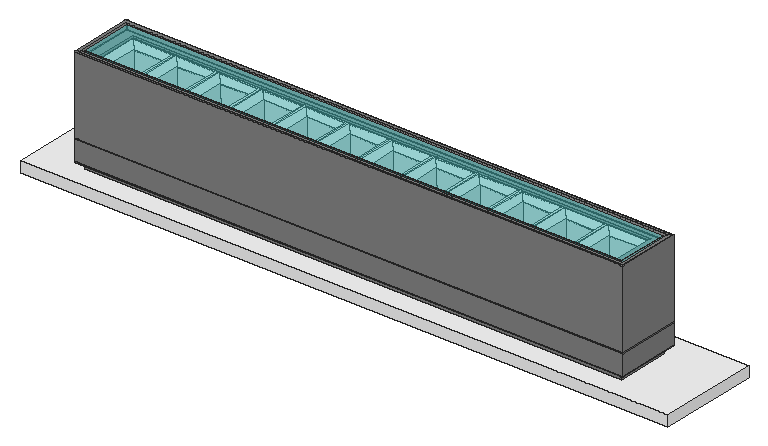
Revit family "BE_24461_de_DE", category Leuchten, Revit 2020 (continued)
Definition of nested family "BE_24461"
  Dimensions and locks
    "Pos_oi": Blend 71 to Blend 72 sketch curve
    "Pos_oi": Blend 72 sketch curve to Blend 71
    "Pos_ui": Blend 72 sketch curve to var sketch
    "Pos_ui": var sketch to Blend 72 sketch curve
    "Pos_oa": Blend 71 sketch curve to var sketch
    "Pos_oa": var sketch to Blend 71 sketch curve
    Blend 73 sketch curve to Blend 73 sketch curve = 28.6 mm  (x4)
    Blend 73 sketch curve to Blend 73 sketch curve = 29 mm  (x2)
    Blend 74 sketch curve to Blend 74 sketch curve = 25.6 mm  (x2)
    Blend 74 sketch curve to Blend 74 sketch curve = 28 mm  (x2)
    Blend 73 to Blend 74 sketch curve = 0.5 mm
    Blend 74 sketch curve to Blend 73 = 0.5 mm
    aligned and locked: Extrusion 1 to plane 2
    aligned and locked: level to Extrusion 1
    aligned and locked: Extrusion 10 sketch curve to cut or joined group of Sweep 2, Extrusion 3  (x4)
    aligned and locked: Blend 15 to Blend 16  (x2)
    aligned and locked: Blend 17 to Blend 18  (x2)
    aligned and locked: Blend 19 to Blend 20  (x2)
    aligned and locked: Blend 21 to Blend 22  (x2)
    aligned and locked: Blend 23 to Blend 24  (x2)
    aligned and locked: Blend 25 to Blend 26  (x2)
    aligned and locked: Blend 27 to Blend 28  (x2)
    aligned and locked: Blend 29 to Blend 30  (x2)
    aligned and locked: Blend 31 to Blend 32  (x2)
    aligned and locked: Blend 33 to Blend 34  (x2)
    aligned and locked: Blend 35 to Blend 36  (x2)
    aligned and locked: Blend 37 to Blend 38  (x2)
    aligned and locked: Blend 51 to Blend 52  (x2)
    aligned and locked: Blend 53 to Blend 54  (x2)
    aligned and locked: Blend 55 to Blend 56  (x2)
    aligned and locked: Blend 57 to Blend 58  (x2)
    aligned and locked: Blend 59 to Blend 60  (x2)
    aligned and locked: Blend 61 to Blend 62  (x2)
    aligned and locked: Blend 63 to Blend 64  (x2)
    aligned and locked: Blend 65 to Blend 66  (x2)
    aligned and locked: Blend 67 to Blend 68  (x2)
    aligned and locked: Blend 69 to Blend 70  (x2)
    aligned and locked: Blend 71 to Blend 72  (x2)
    aligned and locked: Blend 73 to Blend 74  (x2)
  Automatic sketch dimensions
    Extrusion 12 sketch curve to Extrusion 12 sketch curve = 1 mm
    Revolve 11 sketch curve to Revolve 11 sketch curve = 12.8 mm
    Revolve 11 sketch curve to Revolve 11 sketch curve = 3.583 mm
    Revolve 11 sketch curve to Revolve 11 sketch curve = 2.813 mm
    Revolve 11 sketch curve to Revolve 11 sketch curve = 1.005 mm
    Revolve 11 sketch curve to Revolve 11 sketch curve = 0 mm
    Extrusion 12 sketch curve to Extrusion 12 sketch curve = 25.6 mm
    Extrusion 14 sketch curve to Extrusion 14 sketch curve = 1 mm
    Revolve 13 sketch curve to Revolve 13 sketch curve = 12.8 mm
    Revolve 13 sketch curve to Revolve 13 sketch curve = 3.583 mm
    Revolve 13 sketch curve to Revolve 13 sketch curve = 2.813 mm
    Revolve 13 sketch curve to Revolve 13 sketch curve = 1.005 mm
    Revolve 13 sketch curve to Revolve 13 sketch curve = 0 mm
    Extrusion 14 sketch curve to Extrusion 14 sketch curve = 25.6 mm
    Sweep 2 sketch curve to plane 4 = 0 mm
    Sweep 2 sketch curve to plane 6 = 0 mm
    plane 8 to Sweep 2 sketch curve = 0 mm
    Sweep 2 sketch curve to plane 7 = 0 mm
    Sweep 2 sketch curve to profile plane = 0 mm
    profile plane to Sweep 2 sketch curve = 0.5 mm
    Sweep 2 sketch curve to Sweep 2 sketch curve = 0.5 mm
    Sweep 2 sketch curve to Sweep 2 sketch curve = 2.3 mm
    Sweep 2 sketch curve to Sweep 2 sketch curve = 2.544 mm
    Sweep 2 sketch curve to Sweep 2 sketch curve = 1.882 mm
    Sweep 2 sketch curve to Sweep 2 sketch curve = 4.838 mm
    level to Sweep 2 sketch curve = 26 mm
    Sweep 2 sketch curve to Sweep 2 sketch curve = 67.5 mm
    Sweep 2 sketch curve to Sweep 2 sketch curve = 2.5 mm
    Sweep 2 sketch curve to Sweep 2 sketch curve = 4 mm
    plane 4 to Extrusion 3 sketch curve = 7.7 mm
    Extrusion 3 sketch curve to Extrusion 3 sketch curve = 6.3 mm
    Extrusion 3 sketch curve to plane 5 = 4.5 mm
    plane 6 to Extrusion 3 sketch curve = 14.612 mm
    Extrusion 3 sketch curve to Extrusion 3 sketch curve = 6.612 mm
    Extrusion 3 sketch curve to plane 5 = 7 mm
    Extrusion 3 sketch curve to Extrusion 3 sketch curve = 2.5 mm  (x2)
    Extrusion 4 sketch curve to plane 8 = 5 mm
    Extrusion 4 sketch curve to plane 5 = 0.3 mm
    Extrusion 4 sketch curve to plane 7 = 5 mm
    Extrusion 4 sketch curve to Extrusion 4 sketch curve = 4 mm
    Sweep 5 sketch curve to plane 7 = 0 mm
    plane 8 to Sweep 5 sketch curve = 0 mm
    plane 4 to Sweep 5 sketch curve = 0.015 mm
    plane 6 to Sweep 5 sketch curve = 0.3 mm
    Sweep 5 sketch curve to profile plane = 0 mm
    Sweep 5 sketch curve to level = 0 mm
    Sweep 5 sketch curve to Sweep 5 sketch curve = 0.5 mm
    Sweep 5 sketch curve to Sweep 5 sketch curve = 4 mm  (x2)
    Sweep 5 sketch curve to Sweep 5 sketch curve = 1 mm
    Sweep 5 sketch curve to Sweep 5 sketch curve = 20 mm
    Sweep 5 sketch curve to Sweep 5 sketch curve = 6 mm
    Sweep 5 sketch curve to Sweep 5 sketch curve = 16 mm
    Extrusion 6 sketch curve to level = 0 mm
    plane 1 "Mitte (Oben/Unten)" to Extrusion 6 sketch curve = 5 mm
    Extrusion 6 sketch curve to plane 1 "Mitte (Oben/Unten)" = 5 mm
    Extrusion 6 sketch curve to Extrusion 6 sketch curve = 10 mm
    plane 1 "Mitte (Oben/Unten)" to Extrusion 7 sketch curve = 0 mm  (x2)
    plane 1 "Mitte (Oben/Unten)" to Extrusion 7 sketch curve = 5 mm
    plane 4 to Extrusion 7 sketch curve = 96.5 mm
    Extrusion 7 sketch curve to Extrusion 7 sketch curve = 3.5 mm
    Extrusion 7 sketch curve to plane 8 = 10 mm
    Extrusion 7 sketch curve to Extrusion 7 sketch curve = 76.5 mm
    plane 3 "Mitte (Links/Rechts)" to Extrusion 7 sketch curve = 80 mm
    Extrusion 7 sketch curve to Extrusion 7 sketch curve = 75 mm
    plane 1 "Mitte (Oben/Unten)" to Extrusion 7 sketch curve = 3.5 mm
    Extrusion 7 sketch curve to Extrusion 7 sketch curve = 10 mm
    Extrusion 7 sketch curve to plane 1 "Mitte (Oben/Unten)" = 5 mm
    Extrusion 7 sketch curve to Extrusion 7 sketch curve = 0 mm  (x2)
    Revolve 8 sketch curve to plane 7 = 0 mm
    Revolve 8 sketch curve to Revolve 8 sketch curve = 2.2 mm
    level to Revolve 8 sketch curve = 18.8 mm
    Revolve 8 sketch curve to Revolve 8 sketch curve = 3.95 mm
    Revolve 8 sketch curve to plane 7 = 2 mm
    Revolve 8 sketch curve to Revolve 8 sketch curve = 2 mm
    Revolve 8 sketch curve to Revolve 8 sketch curve = 0 mm
    Revolve 9 sketch curve to plane 7 = 0 mm
    Revolve 9 sketch curve to Revolve 9 sketch curve = 2.2 mm
    level to Revolve 9 sketch curve = 22.75 mm
    Revolve 9 sketch curve to Revolve 9 sketch curve = 3.95 mm
    Revolve 9 sketch curve to plane 7 = 2 mm
    Revolve 9 sketch curve to Revolve 9 sketch curve = 2 mm
    Revolve 9 sketch curve to Revolve 9 sketch curve = 0 mm
    Extrusion 40 sketch curve to Extrusion 40 sketch curve = 1 mm
    Revolve 39 sketch curve to Revolve 39 sketch curve = 12.8 mm
    Revolve 39 sketch curve to Revolve 39 sketch curve = 3.583 mm
    Revolve 39 sketch curve to Revolve 39 sketch curve = 2.813 mm
    Revolve 39 sketch curve to Revolve 39 sketch curve = 1.005 mm
    Revolve 39 sketch curve to Revolve 39 sketch curve = 0 mm
    Extrusion 40 sketch curve to Extrusion 40 sketch curve = 25.6 mm
    Extrusion 42 sketch curve to Extrusion 42 sketch curve = 1 mm
    Revolve 41 sketch curve to Revolve 41 sketch curve = 12.8 mm
    Revolve 41 sketch curve to Revolve 41 sketch curve = 3.583 mm
    Revolve 41 sketch curve to Revolve 41 sketch curve = 2.813 mm
    Revolve 41 sketch curve to Revolve 41 sketch curve = 1.005 mm
    Revolve 41 sketch curve to Revolve 41 sketch curve = 0 mm
    Extrusion 42 sketch curve to Extrusion 42 sketch curve = 25.6 mm
    Extrusion 44 sketch curve to Extrusion 44 sketch curve = 1 mm
    Revolve 43 sketch curve to Revolve 43 sketch curve = 12.8 mm
    Revolve 43 sketch curve to Revolve 43 sketch curve = 3.583 mm
    Revolve 43 sketch curve to Revolve 43 sketch curve = 2.813 mm
    Revolve 43 sketch curve to Revolve 43 sketch curve = 1.005 mm
    Revolve 43 sketch curve to Revolve 43 sketch curve = 0 mm
    Extrusion 44 sketch curve to Extrusion 44 sketch curve = 25.6 mm
    Extrusion 46 sketch curve to Extrusion 46 sketch curve = 1 mm
    Revolve 45 sketch curve to Revolve 45 sketch curve = 12.8 mm
    Revolve 45 sketch curve to Revolve 45 sketch curve = 3.583 mm
    Revolve 45 sketch curve to Revolve 45 sketch curve = 2.813 mm
    Revolve 45 sketch curve to Revolve 45 sketch curve = 1.005 mm
    Revolve 45 sketch curve to Revolve 45 sketch curve = 0 mm
    Extrusion 46 sketch curve to Extrusion 46 sketch curve = 25.6 mm
    Extrusion 48 sketch curve to Extrusion 48 sketch curve = 1 mm
    Revolve 47 sketch curve to Revolve 47 sketch curve = 12.8 mm
    Revolve 47 sketch curve to Revolve 47 sketch curve = 3.583 mm
    Revolve 47 sketch curve to Revolve 47 sketch curve = 2.813 mm
    Revolve 47 sketch curve to Revolve 47 sketch curve = 1.005 mm
    Revolve 47 sketch curve to Revolve 47 sketch curve = 0 mm
    Extrusion 48 sketch curve to Extrusion 48 sketch curve = 25.6 mm
    Extrusion 50 sketch curve to Extrusion 50 sketch curve = 1 mm
    Revolve 49 sketch curve to Revolve 49 sketch curve = 12.8 mm
    Revolve 49 sketch curve to Revolve 49 sketch curve = 3.583 mm
    Revolve 49 sketch curve to Revolve 49 sketch curve = 2.813 mm
    Revolve 49 sketch curve to Revolve 49 sketch curve = 1.005 mm
    Revolve 49 sketch curve to Revolve 49 sketch curve = 0 mm
    Extrusion 50 sketch curve to Extrusion 50 sketch curve = 25.6 mm
    Blend 17 sketch curve to plane 3 "Mitte (Links/Rechts)" = 239.8 mm
    Blend 17 sketch curve to plane 8 = 15.689 mm
    Blend 17 sketch curve to plane 3 "Mitte (Links/Rechts)" = 240 mm
    Blend 17 sketch curve to plane 8 = 15.489 mm
    Blend 18 sketch curve to plane 3 "Mitte (Links/Rechts)" = 238.3 mm
    plane 1 "Mitte (Oben/Unten)" to Blend 18 sketch curve = 12.811 mm
    Blend 21 sketch curve to plane 3 "Mitte (Links/Rechts)" = 198.8 mm
    Blend 21 sketch curve to plane 8 = 15.689 mm
    Blend 21 sketch curve to plane 3 "Mitte (Links/Rechts)" = 199 mm
    Blend 21 sketch curve to plane 8 = 15.489 mm
    Blend 22 sketch curve to plane 3 "Mitte (Links/Rechts)" = 197.3 mm
    plane 1 "Mitte (Oben/Unten)" to Blend 22 sketch curve = 12.811 mm
    Blend 25 sketch curve to plane 8 = 15.689 mm
    Blend 25 sketch curve to plane 3 "Mitte (Links/Rechts)" = 157.8 mm
    Blend 25 sketch curve to plane 8 = 15.489 mm
    Blend 25 sketch curve to plane 3 "Mitte (Links/Rechts)" = 158 mm
    plane 1 "Mitte (Oben/Unten)" to Blend 26 sketch curve = 12.811 mm
    Blend 26 sketch curve to plane 3 "Mitte (Links/Rechts)" = 156.3 mm
    Blend 29 sketch curve to plane 8 = 15.689 mm
    Blend 29 sketch curve to plane 3 "Mitte (Links/Rechts)" = 116.8 mm
    Blend 29 sketch curve to plane 8 = 15.489 mm
    Blend 29 sketch curve to plane 3 "Mitte (Links/Rechts)" = 117 mm
    plane 1 "Mitte (Oben/Unten)" to Blend 30 sketch curve = 12.811 mm
    Blend 30 sketch curve to plane 3 "Mitte (Links/Rechts)" = 115.3 mm
    Blend 33 sketch curve to plane 8 = 15.689 mm
    plane 6 to Blend 33 sketch curve = 336.1 mm
    Blend 33 sketch curve to plane 8 = 15.489 mm
    plane 6 to Blend 33 sketch curve = 336.3 mm
    plane 1 "Mitte (Oben/Unten)" to Blend 34 sketch curve = 12.811 mm
    plane 6 to Blend 34 sketch curve = 334.6 mm
    Blend 37 sketch curve to plane 8 = 15.689 mm
    plane 6 to Blend 37 sketch curve = 295.1 mm
    Blend 37 sketch curve to plane 8 = 15.489 mm
    plane 6 to Blend 37 sketch curve = 295.3 mm
    plane 1 "Mitte (Oben/Unten)" to Blend 38 sketch curve = 12.811 mm
    plane 6 to Blend 38 sketch curve = 293.6 mm
    Extrusion 76 sketch curve to Extrusion 76 sketch curve = 1 mm
    Revolve 75 sketch curve to Revolve 75 sketch curve = 12.8 mm
    Revolve 75 sketch curve to Revolve 75 sketch curve = 3.583 mm
    Revolve 75 sketch curve to Revolve 75 sketch curve = 2.813 mm
    Revolve 75 sketch curve to Revolve 75 sketch curve = 1.005 mm
    Revolve 75 sketch curve to Revolve 75 sketch curve = 0 mm
    Extrusion 76 sketch curve to Extrusion 76 sketch curve = 25.6 mm
    Extrusion 78 sketch curve to Extrusion 78 sketch curve = 1 mm
    Revolve 77 sketch curve to Revolve 77 sketch curve = 12.8 mm
    Revolve 77 sketch curve to Revolve 77 sketch curve = 3.583 mm
    Revolve 77 sketch curve to Revolve 77 sketch curve = 2.813 mm
    Revolve 77 sketch curve to Revolve 77 sketch curve = 1.005 mm
    Revolve 77 sketch curve to Revolve 77 sketch curve = 0 mm
    Extrusion 78 sketch curve to Extrusion 78 sketch curve = 25.6 mm
    Extrusion 80 sketch curve to Extrusion 80 sketch curve = 1 mm
    Revolve 79 sketch curve to Revolve 79 sketch curve = 12.8 mm
    Revolve 79 sketch curve to Revolve 79 sketch curve = 3.583 mm
    Revolve 79 sketch curve to Revolve 79 sketch curve = 2.813 mm
    Revolve 79 sketch curve to Revolve 79 sketch curve = 1.005 mm
    Revolve 79 sketch curve to Revolve 79 sketch curve = 0 mm
    Extrusion 80 sketch curve to Extrusion 80 sketch curve = 25.6 mm
    Extrusion 82 sketch curve to Extrusion 82 sketch curve = 1 mm
    Revolve 81 sketch curve to Revolve 81 sketch curve = 12.8 mm
    Revolve 81 sketch curve to Revolve 81 sketch curve = 3.583 mm
    Revolve 81 sketch curve to Revolve 81 sketch curve = 2.813 mm
    Revolve 81 sketch curve to Revolve 81 sketch curve = 1.005 mm
    Revolve 81 sketch curve to Revolve 81 sketch curve = 0 mm
    Extrusion 82 sketch curve to Extrusion 82 sketch curve = 25.6 mm
    Extrusion 84 sketch curve to Extrusion 84 sketch curve = 1 mm
    Revolve 83 sketch curve to Revolve 83 sketch curve = 12.8 mm
    Revolve 83 sketch curve to Revolve 83 sketch curve = 3.583 mm
    Revolve 83 sketch curve to Revolve 83 sketch curve = 2.813 mm
    Revolve 83 sketch curve to Revolve 83 sketch curve = 1.005 mm
    Revolve 83 sketch curve to Revolve 83 sketch curve = 0 mm
    Extrusion 84 sketch curve to Extrusion 84 sketch curve = 25.6 mm
    Extrusion 86 sketch curve to Extrusion 86 sketch curve = 1 mm
    Revolve 85 sketch curve to Revolve 85 sketch curve = 12.8 mm
    Revolve 85 sketch curve to Revolve 85 sketch curve = 3.583 mm
    Revolve 85 sketch curve to Revolve 85 sketch curve = 2.813 mm
    Revolve 85 sketch curve to Revolve 85 sketch curve = 1.005 mm
    Revolve 85 sketch curve to Revolve 85 sketch curve = 0 mm
    Extrusion 86 sketch curve to Extrusion 86 sketch curve = 25.6 mm
    plane 3 "Mitte (Links/Rechts)" to Blend 53 sketch curve = 6.2 mm
    Blend 53 sketch curve to plane 8 = 15.689 mm
    plane 3 "Mitte (Links/Rechts)" to Blend 53 sketch curve = 6 mm
    Blend 53 sketch curve to plane 8 = 15.489 mm
    plane 3 "Mitte (Links/Rechts)" to Blend 54 sketch curve = 7.7 mm
    plane 1 "Mitte (Oben/Unten)" to Blend 54 sketch curve = 12.811 mm
    plane 3 "Mitte (Links/Rechts)" to Blend 57 sketch curve = 47.2 mm
    Blend 57 sketch curve to plane 8 = 15.689 mm
    plane 3 "Mitte (Links/Rechts)" to Blend 57 sketch curve = 47 mm
    Blend 57 sketch curve to plane 8 = 15.489 mm
    plane 3 "Mitte (Links/Rechts)" to Blend 58 sketch curve = 48.7 mm
    plane 1 "Mitte (Oben/Unten)" to Blend 58 sketch curve = 12.811 mm
    Blend 61 sketch curve to plane 8 = 15.689 mm
    plane 3 "Mitte (Links/Rechts)" to Blend 61 sketch curve = 88.2 mm
    Blend 61 sketch curve to plane 8 = 15.489 mm
    plane 3 "Mitte (Links/Rechts)" to Blend 61 sketch curve = 88 mm
    plane 1 "Mitte (Oben/Unten)" to Blend 62 sketch curve = 12.811 mm
    plane 3 "Mitte (Links/Rechts)" to Blend 62 sketch curve = 89.7 mm
    Blend 65 sketch curve to plane 8 = 15.689 mm
    plane 3 "Mitte (Links/Rechts)" to Blend 65 sketch curve = 129.2 mm
    Blend 65 sketch curve to plane 8 = 15.489 mm
    plane 3 "Mitte (Links/Rechts)" to Blend 65 sketch curve = 129 mm
    plane 1 "Mitte (Oben/Unten)" to Blend 66 sketch curve = 12.811 mm
    plane 3 "Mitte (Links/Rechts)" to Blend 66 sketch curve = 130.7 mm
    Blend 69 sketch curve to plane 8 = 15.689 mm
    plane 6 to Blend 69 sketch curve = 90.1 mm
    Blend 69 sketch curve to plane 8 = 15.489 mm
    plane 6 to Blend 69 sketch curve = 90.3 mm
    plane 1 "Mitte (Oben/Unten)" to Blend 70 sketch curve = 12.811 mm
    plane 6 to Blend 70 sketch curve = 88.6 mm
    Blend 73 sketch curve to plane 8 = 15.689 mm
    plane 6 to Blend 73 sketch curve = 49.1 mm
    Blend 73 sketch curve to plane 8 = 15.489 mm
    plane 6 to Blend 73 sketch curve = 49.3 mm
    plane 1 "Mitte (Oben/Unten)" to Blend 74 sketch curve = 12.811 mm
    plane 6 to Blend 74 sketch curve = 47.6 mm
    plane 4 to Blend 15 sketch curve = 20 mm
    plane 1 "Mitte (Oben/Unten)" to Blend 15 sketch curve = 14.511 mm
    plane 1 "Mitte (Oben/Unten)" to Blend 19 sketch curve = 14.511 mm
    plane 4 to Blend 19 sketch curve = 61 mm
    plane 1 "Mitte (Oben/Unten)" to Blend 23 sketch curve = 14.511 mm
    plane 4 to Blend 23 sketch curve = 102 mm
    plane 1 "Mitte (Oben/Unten)" to Blend 27 sketch curve = 14.511 mm
    Blend 27 sketch curve to plane 3 "Mitte (Links/Rechts)" = 117 mm
    plane 1 "Mitte (Oben/Unten)" to Blend 31 sketch curve = 14.511 mm
    Blend 31 sketch curve to plane 3 "Mitte (Links/Rechts)" = 76 mm
    plane 1 "Mitte (Oben/Unten)" to Blend 35 sketch curve = 14.511 mm
    Blend 35 sketch curve to plane 3 "Mitte (Links/Rechts)" = 35 mm
    plane 3 "Mitte (Links/Rechts)" to Blend 51 sketch curve = 6 mm
    plane 1 "Mitte (Oben/Unten)" to Blend 51 sketch curve = 14.511 mm
    plane 1 "Mitte (Oben/Unten)" to Blend 55 sketch curve = 14.511 mm
    plane 3 "Mitte (Links/Rechts)" to Blend 55 sketch curve = 47 mm
    plane 1 "Mitte (Oben/Unten)" to Blend 59 sketch curve = 14.511 mm
    plane 3 "Mitte (Links/Rechts)" to Blend 59 sketch curve = 88 mm
    plane 1 "Mitte (Oben/Unten)" to Blend 63 sketch curve = 14.511 mm
    plane 3 "Mitte (Links/Rechts)" to Blend 63 sketch curve = 129 mm
    plane 1 "Mitte (Oben/Unten)" to Blend 67 sketch curve = 14.511 mm
    plane 6 to Blend 67 sketch curve = 90.3 mm
    plane 1 "Mitte (Oben/Unten)" to Blend 71 sketch curve = 14.511 mm
    plane 6 to Blend 71 sketch curve = 49.3 mm
Types (2, lengths in mm): name | built-in parameter 1150104 | built-in parameter 1150134 | Modell | built-in parameter 1150105 | Lumens | Leuchtenlichtstrom | Lampenlichtstrom | LED_Modulbezeichnung | Farbtemperatur | Datei für fotometrisches Netz | Bestellnummer | built-in parameter 1150106 | built-in parameter 1150107
  BEGA_24461_Grafit_K3 | 17.346 (stored number, unit not read) | (empty or 0) | "24461K3" | 234.75 (stored number, unit not read) | 2950.02 lm | "1957 lm" | "2950 lm" | "2x LED-0771/830" | "3000 K" | "BE_24461K3.IES" | "24461K3" | 2.3475 (stored number, unit not read) | 3000 (stored number, unit not read)
  BEGA_24461_Grafit_K4 | 17.816 (stored number, unit not read) | 12 | "24461K4" | 241.12 (stored number, unit not read) | 3029.97 lm | "2012 lm" | "3030 lm" | "2x LED-0771/840" | "4000 K" | "BE_24461K4.IES" | "24461K4" | 2.4112 (stored number, unit not read) | 4000 (stored number, unit not read)
